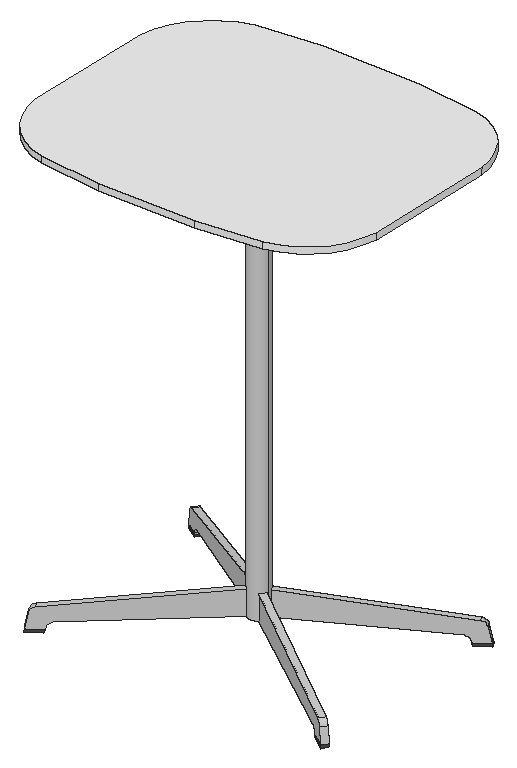
Revit family "Table-LAMMHULTS-COOPER-Table", category Furniture, Revit 2015
Parameters (values of type "H72 45x55 Laminate")
  Width = 550 mm
  URL = "www.lammhults.se"
  Table Top Height = 720 mm
  Table Edge Material = none
  Table Top Material = Laminate - High Pressure - White grey
  Model = "COOPER"
  Manufacturer = "LAMMHULTS"  # constant formula
  Length = 450 mm
  Legs Material = Plastic - Black
  Keynote = "46.B"
  Height = Table Top Height  # 720 mm
  Frame Material = Metal - Chrome - Polished
  Description = "*Please enter mtrl description here for use in mto*"
  Content Author = "AEC AB"  # constant formula
  Assembly Code = "E2020"
  80x70 = no
  55x45 = yes
  110x100 = no
Types (18, lengths in mm): name | Width | Table Top Height | Table Top Material | Length | Height | 80x70 | 55x45 | 110x100
  H45 45x55 Laminate | 550 | 450 | Laminate - High Pressure - White grey | 450 | 450 | no | yes | no
  H45 45x55 Walnut Veneer | 550 | 450 | Wood - Veneer - Walnut | 450 | 450 | no | yes | no
  H45 70x80 Laminate | 700 | 450 | Laminate - High Pressure - White grey | 800 | 450 | yes | no | no
  H45 70x80 Walnut Veneer | 700 | 450 | Wood - Veneer - Walnut | 800 | 450 | yes | no | no
  H45 100x110 Laminate | 1000 | 450 | Laminate - High Pressure - White grey | 1100 | 450 | no | no | yes
  H45 100x110 Walnut Veneer | 1000 | 450 | Wood - Veneer - Walnut | 1100 | 450 | no | no | yes
  H52 45x55 Laminate | 550 | 520 | Laminate - High Pressure - White grey | 450 | 520 | no | yes | no
  H52 45x55 Walnut Veneer | 550 | 520 | Wood - Veneer - Walnut | 450 | 520 | no | yes | no
  H52 70x80 Laminate | 700 | 520 | Laminate - High Pressure - White grey | 800 | 520 | yes | no | no
  H52 70x80 Walnut Veneer | 700 | 520 | Wood - Veneer - Walnut | 800 | 520 | yes | no | no
  H52 100x110 Laminate | 1000 | 520 | Laminate - High Pressure - White grey | 1100 | 520 | no | no | yes
  H52 100x110 Walnut Veneer | 1000 | 520 | Wood - Veneer - Walnut | 1100 | 520 | no | no | yes
  H72 45x55 Laminate | 550 | 720 | Laminate - High Pressure - White grey | 450 | 720 | no | yes | no
  H72 45x55 Walnut Veneer | 550 | 720 | Wood - Veneer - Walnut | 450 | 720 | no | yes | no
  H72 70x80 Laminate | 700 | 720 | Laminate - High Pressure - White grey | 800 | 720 | yes | no | no
  H72 70x80 Walnut Veneer | 700 | 720 | Wood - Veneer - Walnut | 800 | 720 | yes | no | no
  H72 100x110 Laminate | 1000 | 720 | Laminate - High Pressure - White grey | 1100 | 720 | no | no | yes
  H72 100x110 Walnut Veneer | 1000 | 720 | Wood - Veneer - Walnut | 1100 | 720 | no | no | yes
Reference planes
  plane 1 "Center (Front/Back)": y = 0
  plane 2: z = 0
  plane 3 "Center (Left/Right)": x = 0
  plane 4 "Table Top": z = 720
  plane 5: z = 710
  plane 6: x = -550
  plane 7: x = 550
  plane 8: y = 500
  plane 9: y = -500
Forms (mm)
  Extrusion 1, solid, material "Plastic - Black" <- "Legs Material", visible <- "80x70"
    sketch origin (0, 0, 0) x (-0.819152, 0.573576, 0) y (0, 0, 1)
      loop
        line (390.059, 4) -> (364.809, 4) -> (365.628, 0) -> (390.634, 0) -> (390.059, 4)
    from -5 to 5
  Extrusion 2, solid, material "Metal - Chrome - Polished" <- "Frame Material", visible <- "80x70"
    sketch origin (0, 0, 0) x (0.819152, 0.573576, 0) y (0, 0, -1)
      loop
        line (0, -74.328) -> (375.728, -36.073)
        arc (375.728, -36.073) -> (382.01, -33.272) -> (385.4, -27.288) r 11
        line (385.4, -27.288) -> (390.059, -4) -> (364.809, -4) -> (363.628, -10.196)
        arc (363.628, -10.196) -> (361.681, -13.592) -> (358.054, -15.064) r 6
        line (358.054, -15.064) -> (0, -34.162) -> (0, -74.328)
    from -5 to 4.999
  Extrusion 3, solid, material "Plastic - Black" <- "Legs Material", visible <- "80x70"
    sketch origin (0, 0, 0) x (0.819152, 0.573576, 0) y (0, 0, -1)
      loop
        line (390.059, -4) -> (390.634, 0) -> (365.628, 0) -> (364.809, -4) -> (390.059, -4)
    from -5 to 5
  Extrusion 4, solid, material "Plastic - Black" <- "Legs Material", visible <- "80x70"
    sketch origin (0, 0, 0) x (-0.819152, -0.573576, 0) y (0, 0, -1)
      loop
        line (390.059, -4) -> (390.634, 0) -> (365.628, 0) -> (364.809, -4) -> (390.059, -4)
    from -5 to 5
  Extrusion 5, solid, material "Metal - Chrome - Polished" <- "Frame Material", visible <- "80x70"
    sketch origin (0, 0, 0) x (0.819152, -0.573576, 0) y (0, 0, 1)
      loop
        line (0, 74.328) -> (0, 34.162) -> (358.054, 15.064)
        arc (358.054, 15.064) -> (361.681, 13.592) -> (363.628, 10.196) r 6
        line (363.628, 10.196) -> (364.809, 4) -> (390.059, 4) -> (385.4, 27.288)
        arc (385.4, 27.288) -> (382.01, 33.272) -> (375.728, 36.073) r 11
        line (375.728, 36.073) -> (0, 74.328)
    from -5 to 4.999
  Extrusion 6, solid, material "Plastic - Black" <- "Legs Material", visible <- "80x70"
    sketch origin (0, 0, 0) x (0.819152, -0.573576, 0) y (0, 0, 1)
      loop
        line (390.059, 4) -> (364.809, 4) -> (365.628, 0) -> (390.634, 0) -> (390.059, 4)
    from -5 to 5
  Extrusion 7, solid, material "Metal - Chrome - Polished" <- "Frame Material"
    sketch origin (0, 0, 0) x (1, 0, 0) y (0, 1, 0)
      loop
        circle (0, 0) r 16
    from 32.479 to 710
  Extrusion 8, solid, material "Metal - Chrome - Polished" <- "Frame Material"
    sketch origin (0, 0, 710) x (1, 0, 0) y (0, 1, 0)
      loop
        line (-122.5, 122.5) -> (-122.5, -122.5) -> (122.5, -122.5) -> (122.5, 122.5) -> (-122.5, 122.5)
    from -5 to 0
  Extrusion 9, solid, material "Metal - Chrome - Polished" <- "Frame Material", visible <- "55x45"
    sketch origin (0, 0, 0) x (-0.819152, 0.573576, 0) y (0, 0, 1)
      loop
        line (0, 74.328) -> (0, 34.162) -> (257, 15.281)
        arc (257, 15.281) -> (262.921, 12.773) -> (266.091, 7.179) r 10
        line (266.091, 7.179) -> (266.697, 4) -> (291.947, 4) -> (287.29, 27.281)
        arc (287.29, 27.281) -> (284.043, 33.133) -> (278.005, 36.02) r 11
        line (278.005, 36.02) -> (0, 74.328)
    from -5 to 4.999
  Extrusion 10, solid, material "Plastic - Black" <- "Legs Material", visible <- "55x45"
    sketch origin (80.369, -56.275, 0) x (-0.819152, 0.573576, 0) y (0, 0, 1)
      loop
        line (390.059, 4) -> (364.809, 4) -> (365.628, 0) -> (390.634, 0) -> (390.059, 4)
    from -5 to 5
  Extrusion 11, solid, material "Metal - Chrome - Polished" <- "Frame Material", visible <- "55x45"
    sketch origin (0, 0, 0) x (0.819152, 0.573576, 0) y (0, 0, -1)
      loop
        line (0, -74.328) -> (278.005, -36.02)
        arc (278.005, -36.02) -> (284.043, -33.133) -> (287.29, -27.281) r 11
        line (287.29, -27.281) -> (291.947, -4) -> (266.697, -4) -> (266.091, -7.179)
        arc (266.091, -7.179) -> (262.921, -12.773) -> (257, -15.281) r 10
        line (257, -15.281) -> (0, -34.162) -> (0, -74.328)
    from -5 to 4.999
  Extrusion 12, solid, material "Plastic - Black" <- "Legs Material", visible <- "55x45"
    sketch origin (-80.369, -56.275, 0) x (0.819152, 0.573576, 0) y (0, 0, -1)
      loop
        line (390.059, -4) -> (390.634, 0) -> (365.628, 0) -> (364.809, -4) -> (390.059, -4)
    from -5 to 5
  Extrusion 13, solid, material "Metal - Chrome - Polished" <- "Frame Material", visible <- "55x45"
    sketch origin (0, 0, 0) x (-0.819152, -0.573576, 0) y (0, 0, -1)
      loop
        line (0, -74.328) -> (278.005, -36.02)
        arc (278.005, -36.02) -> (284.043, -33.133) -> (287.29, -27.281) r 11
        line (287.29, -27.281) -> (291.947, -4) -> (266.697, -4) -> (266.091, -7.179)
        arc (266.091, -7.179) -> (262.921, -12.773) -> (257, -15.281) r 10
        line (257, -15.281) -> (0, -34.162) -> (0, -74.328)
    from -5 to 4.999
  Extrusion 14, solid, material "Plastic - Black" <- "Legs Material", visible <- "55x45"
    sketch origin (80.369, 56.275, 0) x (-0.819152, -0.573576, 0) y (0, 0, -1)
      loop
        line (390.059, -4) -> (390.634, 0) -> (365.628, 0) -> (364.809, -4) -> (390.059, -4)
    from -5 to 5
  Extrusion 15, solid, material "Metal - Chrome - Polished" <- "Frame Material", visible <- "55x45"
    sketch origin (0, 0, 0) x (0.819152, -0.573576, 0) y (0, 0, 1)
      loop
        line (0, 74.328) -> (0, 34.162) -> (257, 15.281)
        arc (257, 15.281) -> (262.921, 12.773) -> (266.091, 7.179) r 10
        line (266.091, 7.179) -> (266.697, 4) -> (291.947, 4) -> (287.29, 27.281)
        arc (287.29, 27.281) -> (284.043, 33.133) -> (278.005, 36.02) r 11
        line (278.005, 36.02) -> (0, 74.328)
    from -5 to 4.999
  Extrusion 16, solid, material "Plastic - Black" <- "Legs Material", visible <- "55x45"
    sketch origin (-80.369, 56.275, 0) x (0.819152, -0.573576, 0) y (0, 0, 1)
      loop
        line (390.059, 4) -> (364.809, 4) -> (365.628, 0) -> (390.634, 0) -> (390.059, 4)
    from -5 to 5
  Extrusion 17, solid, material "Metal - Chrome - Polished" <- "Frame Material", visible <- "80x70"
    sketch origin (0, 0, 0) x (-0.819152, -0.573576, 0) y (0, 0, -1)
      loop
        line (0, -74.328) -> (375.728, -36.073)
        arc (375.728, -36.073) -> (382.01, -33.272) -> (385.4, -27.288) r 11
        line (385.4, -27.288) -> (390.059, -4) -> (364.809, -4) -> (363.628, -10.196)
        arc (363.628, -10.196) -> (361.681, -13.592) -> (358.054, -15.064) r 6
        line (358.054, -15.064) -> (0, -34.162) -> (0, -74.328)
    from -5 to 4.999
  Extrusion 18, solid, material "Metal - Chrome - Polished" <- "Frame Material", visible <- "80x70"
    sketch origin (0, 0, 0) x (-0.819152, 0.573576, 0) y (0, 0, 1)
      loop
        line (0, 74.328) -> (0, 34.162) -> (358.054, 15.064)
        arc (358.054, 15.064) -> (361.681, 13.592) -> (363.628, 10.196) r 6
        line (363.628, 10.196) -> (364.809, 4) -> (390.059, 4) -> (385.4, 27.288)
        arc (385.4, 27.288) -> (382.01, 33.272) -> (375.728, 36.073) r 11
        line (375.728, 36.073) -> (0, 74.328)
    from -5 to 4.999
  Extrusion 19, solid, material "Metal - Chrome - Polished" <- "Frame Material", visible <- "110x100"
    sketch origin (0, 0, 0) x (-0.819152, 0.573576, 0) y (0, 0, 1)
      loop
        line (530.425, 4) -> (525.739, 41.482)
        arc (525.739, 41.482) -> (522.404, 48.089) -> (515.637, 51.087) r 11
        line (515.637, 51.087) -> (0, 89.328) -> (0, 34.162) -> (473.593, 15.061)
        arc (473.593, 15.061) -> (477.269, 13.611) -> (479.246, 10.189) r 6
        line (479.246, 10.189) -> (480.425, 4) -> (530.425, 4)
    from -5 to 5
  Extrusion 20, solid, material "Plastic - Black" <- "Legs Material", visible <- "110x100"
    sketch origin (0, 0, 0) x (-0.819152, 0.573576, 0) y (0, 0, 1)
      loop
        line (530.425, 4) -> (480.425, 4) -> (481.244, 0) -> (531, 0) -> (530.425, 4)
    from -5 to 5
  Extrusion 21, solid, material "Metal - Chrome - Polished" <- "Frame Material", visible <- "110x100"
    sketch origin (0, 0, 0) x (0.819152, 0.573576, 0) y (0, 0, -1)
      loop
        line (530.425, -4) -> (480.425, -4) -> (479.246, -10.189)
        arc (479.246, -10.189) -> (477.269, -13.611) -> (473.593, -15.061) r 6
        line (473.593, -15.061) -> (0, -34.162) -> (0, -89.328) -> (515.637, -51.087)
        arc (515.637, -51.087) -> (522.404, -48.089) -> (525.739, -41.482) r 11
        line (525.739, -41.482) -> (530.425, -4)
    from -5 to 5
  Extrusion 22, solid, material "Plastic - Black" <- "Legs Material", visible <- "110x100"
    sketch origin (0, 0, 0) x (0.819152, 0.573576, 0) y (0, 0, -1)
      loop
        line (530.425, -4) -> (531, 0) -> (481.244, 0) -> (480.425, -4) -> (530.425, -4)
    from -5 to 5
  Extrusion 23, solid, material "Metal - Chrome - Polished" <- "Frame Material", visible <- "110x100"
    sketch origin (0, 0, 0) x (-0.819152, -0.573576, 0) y (0, 0, -1)
      loop
        line (530.425, -4) -> (480.425, -4) -> (479.246, -10.189)
        arc (479.246, -10.189) -> (477.269, -13.611) -> (473.593, -15.061) r 6
        line (473.593, -15.061) -> (0, -34.162) -> (0, -89.328) -> (515.637, -51.087)
        arc (515.637, -51.087) -> (522.404, -48.089) -> (525.739, -41.482) r 11
        line (525.739, -41.482) -> (530.425, -4)
    from -5 to 5
  Extrusion 24, solid, material "Plastic - Black" <- "Legs Material", visible <- "110x100"
    sketch origin (0, 0, 0) x (-0.819152, -0.573576, 0) y (0, 0, -1)
      loop
        line (530.425, -4) -> (531, 0) -> (481.244, 0) -> (480.425, -4) -> (530.425, -4)
    from -5 to 5
  Extrusion 25, solid, material "Metal - Chrome - Polished" <- "Frame Material", visible <- "110x100"
    sketch origin (0, 0, 0) x (0.819152, -0.573576, 0) y (0, 0, 1)
      loop
        line (530.425, 4) -> (525.739, 41.482)
        arc (525.739, 41.482) -> (522.404, 48.089) -> (515.637, 51.087) r 11
        line (515.637, 51.087) -> (0, 89.328) -> (0, 34.162) -> (473.593, 15.061)
        arc (473.593, 15.061) -> (477.269, 13.611) -> (479.246, 10.189) r 6
        line (479.246, 10.189) -> (480.425, 4) -> (530.425, 4)
    from -5 to 5
  Extrusion 26, solid, material "Plastic - Black" <- "Legs Material", visible <- "110x100"
    sketch origin (0, 0, 0) x (0.819152, -0.573576, 0) y (0, 0, 1)
      loop
        line (530.425, 4) -> (480.425, 4) -> (481.244, 0) -> (531, 0) -> (530.425, 4)
    from -5 to 5
  Extrusion 27, solid, material "Laminate - High Pressure - White grey" <- "Table Top Material", visible <- "110x100"
    sketch origin (0, 0, 720) x (0, 1, 0) y (-1, 0, 0)
      loop
        arc (488.509, 248.822) -> (479.06, 310.971) -> (462.413, 371.59) r 536.962
        arc (462.413, 371.59) -> (414.789, 454.108) -> (339.151, 512.041) r 243.548
        arc (339.151, 512.041) -> (310.003, 524.089) -> (279.543, 532.269) r 243.548
        arc (279.543, 532.269) -> (208.768, 543.623) -> (137.33, 549.499) r 931.166
        arc (137.33, 549.499) -> (0, 552.492) -> (-137.33, 549.499) r 3152.738
        arc (-137.33, 549.499) -> (-208.768, 543.623) -> (-279.543, 532.269) r 931.166
        arc (-279.543, 532.269) -> (-310.003, 524.089) -> (-339.151, 512.041) r 243.548
        arc (-339.151, 512.041) -> (-414.789, 454.108) -> (-462.413, 371.59) r 243.548
        arc (-462.413, 371.59) -> (-479.06, 310.971) -> (-488.509, 248.822) r 536.962
        arc (-488.509, 248.822) -> (-500, 0) -> (-488.509, -248.822) r 2699.618
        arc (-488.509, -248.822) -> (-479.06, -310.971) -> (-462.413, -371.59) r 536.962
        arc (-462.413, -371.59) -> (-414.789, -454.108) -> (-339.151, -512.041) r 243.548
        arc (-339.151, -512.041) -> (-310.003, -524.089) -> (-279.543, -532.269) r 243.548
        arc (-279.543, -532.269) -> (-208.768, -543.623) -> (-137.33, -549.499) r 931.166
        arc (-137.33, -549.499) -> (0, -552.492) -> (137.33, -549.499) r 3152.738
        arc (137.33, -549.499) -> (208.768, -543.623) -> (279.543, -532.269) r 931.166
        arc (279.543, -532.269) -> (310.003, -524.089) -> (339.151, -512.041) r 243.548
        arc (339.151, -512.041) -> (414.789, -454.108) -> (462.413, -371.59) r 243.548
        arc (462.413, -371.59) -> (479.06, -310.971) -> (488.509, -248.822) r 536.962
        arc (488.509, -248.822) -> (500, 0) -> (488.509, 248.822) r 2699.618
    from 0 to -10
  Extrusion 28, solid, material "Laminate - High Pressure - White grey" <- "Table Top Material", visible <- "80x70"
    sketch origin (0, 0, 720) x (0, 1, 0) y (-1, 0, 0)
      loop
        arc (350, 0) -> (348.624, 83.751) -> (344.498, 167.413) r 2549.618
        arc (344.498, 167.413) -> (340.168, 206.077) -> (332.32, 244.183) r 424.844
        arc (332.32, 244.183) -> (322.888, 276.019) -> (310.999, 307.021) r 424.844
        arc (310.999, 307.021) -> (288.194, 340.692) -> (254.523, 363.497) r 107.631
        arc (254.523, 363.497) -> (196.825, 383.221) -> (136.807, 393.994) r 402.136
        arc (136.807, 393.994) -> (0, 400.958) -> (-136.807, 393.994) r 1347.248
        arc (-136.807, 393.994) -> (-196.825, 383.221) -> (-254.523, 363.497) r 402.136
        arc (-254.523, 363.497) -> (-288.194, 340.692) -> (-310.999, 307.021) r 107.631
        arc (-310.999, 307.021) -> (-322.888, 276.019) -> (-332.32, 244.183) r 424.844
        arc (-332.32, 244.183) -> (-340.168, 206.077) -> (-344.498, 167.413) r 424.844
        arc (-344.498, 167.413) -> (-348.624, 83.751) -> (-350, 0) r 2549.618
        arc (-350, 0) -> (-348.624, -83.751) -> (-344.498, -167.413) r 2549.618
        arc (-344.498, -167.413) -> (-340.168, -206.077) -> (-332.32, -244.183) r 424.844
        arc (-332.32, -244.183) -> (-322.888, -276.019) -> (-310.999, -307.021) r 424.844
        arc (-310.999, -307.021) -> (-288.194, -340.692) -> (-254.523, -363.497) r 107.631
        arc (-254.523, -363.497) -> (-196.825, -383.221) -> (-136.807, -393.994) r 402.136
        arc (-136.807, -393.994) -> (0, -400.958) -> (136.807, -393.994) r 1347.248
        arc (136.807, -393.994) -> (196.825, -383.221) -> (254.523, -363.497) r 402.136
        arc (254.523, -363.497) -> (288.194, -340.692) -> (310.999, -307.021) r 107.631
        arc (310.999, -307.021) -> (322.888, -276.019) -> (332.32, -244.183) r 424.844
        arc (332.32, -244.183) -> (340.168, -206.077) -> (344.498, -167.413) r 424.844
        arc (344.498, -167.413) -> (348.624, -83.751) -> (350, 0) r 2549.618
    from 0 to -10
  Extrusion 29, solid, material "Laminate - High Pressure - White grey" <- "Table Top Material", visible <- "55x45"
    sketch origin (0, 0, 720) x (0, 1, 0) y (-1, 0, 0)
      loop
        arc (223.803, 76.174) -> (220.033, 126.502) -> (211.919, 176.314) r 582.277
        arc (211.919, 176.314) -> (174.082, 241.657) -> (104.707, 271.465) r 120
        arc (104.707, 271.465) -> (0, 275.958) -> (-104.707, 271.465) r 1222.248
        arc (-104.707, 271.465) -> (-174.082, 241.657) -> (-211.919, 176.314) r 120
        arc (-211.919, 176.314) -> (-220.033, 126.502) -> (-223.803, 76.174) r 582.277
        arc (-223.803, 76.174) -> (-225, 0) -> (-223.803, -76.174) r 2424.618
        arc (-223.803, -76.174) -> (-220.033, -126.502) -> (-211.919, -176.314) r 582.277
        arc (-211.919, -176.314) -> (-174.082, -241.657) -> (-104.707, -271.465) r 120
        arc (-104.707, -271.465) -> (0, -275.958) -> (104.707, -271.465) r 1222.248
        arc (104.707, -271.465) -> (174.082, -241.657) -> (211.919, -176.314) r 120
        arc (211.919, -176.314) -> (220.033, -126.502) -> (223.803, -76.174) r 582.277
        arc (223.803, -76.174) -> (225, 0) -> (223.803, 76.174) r 2424.618
    from 0 to -10
Cuts and joins
  joined: Extrusion 7, Extrusion 8
Lines and regions (mm)
  Masking region 1, visible <- "110x100"
    outline origin (0, 0, 720) x (0, 1, 0) y (-1, 0, 0)
      loop
        arc (462.413, 371.59) -> (414.789, 454.108) -> (339.151, 512.041) r 243.548
        arc (339.151, 512.041) -> (310.003, 524.089) -> (279.543, 532.269) r 243.548
        arc (279.543, 532.269) -> (208.768, 543.623) -> (137.33, 549.499) r 931.166
        arc (137.33, 549.499) -> (0, 552.492) -> (-137.33, 549.499) r 3152.738
        arc (-137.33, 549.499) -> (-208.768, 543.623) -> (-279.543, 532.269) r 931.166
        arc (-279.543, 532.269) -> (-310.003, 524.089) -> (-339.151, 512.041) r 243.548
        arc (-339.151, 512.041) -> (-414.789, 454.108) -> (-462.413, 371.59) r 243.548
        arc (-462.413, 371.59) -> (-479.06, 310.971) -> (-488.509, 248.822) r 536.962
        arc (-488.509, 248.822) -> (-500, 0) -> (-488.509, -248.822) r 2699.618
        arc (-488.509, -248.822) -> (-479.06, -310.971) -> (-462.413, -371.59) r 536.962
        arc (-462.413, -371.59) -> (-414.789, -454.108) -> (-339.151, -512.041) r 243.548
        arc (-339.151, -512.041) -> (-310.003, -524.089) -> (-279.543, -532.269) r 243.548
        arc (-279.543, -532.269) -> (-208.768, -543.623) -> (-137.33, -549.499) r 931.166
        arc (-137.33, -549.499) -> (0, -552.492) -> (137.33, -549.499) r 3152.738
        arc (137.33, -549.499) -> (208.768, -543.623) -> (279.543, -532.269) r 931.166
        arc (279.543, -532.269) -> (310.003, -524.089) -> (339.151, -512.041) r 243.548
        arc (339.151, -512.041) -> (414.789, -454.108) -> (462.413, -371.59) r 243.548
        arc (462.413, -371.59) -> (479.06, -310.971) -> (488.509, -248.822) r 536.962
        arc (488.509, -248.822) -> (500, 0) -> (488.509, 248.822) r 2699.618
        arc (488.509, 248.822) -> (479.06, 310.971) -> (462.413, 371.59) r 536.962
  Masking region 2, visible <- "80x70"
    outline origin (0, 0, 720) x (0, 1, 0) y (-1, 0, 0)
      loop
        arc (344.498, 167.413) -> (340.168, 206.077) -> (332.32, 244.183) r 424.844
        arc (332.32, 244.183) -> (322.888, 276.019) -> (310.999, 307.021) r 424.844
        arc (310.999, 307.021) -> (288.194, 340.692) -> (254.523, 363.497) r 107.631
        arc (254.523, 363.497) -> (196.825, 383.221) -> (136.807, 393.994) r 402.136
        arc (136.807, 393.994) -> (0, 400.958) -> (-136.807, 393.994) r 1347.248
        arc (-136.807, 393.994) -> (-196.825, 383.221) -> (-254.523, 363.497) r 402.136
        arc (-254.523, 363.497) -> (-288.194, 340.692) -> (-310.999, 307.021) r 107.631
        arc (-310.999, 307.021) -> (-322.888, 276.019) -> (-332.32, 244.183) r 424.844
        arc (-332.32, 244.183) -> (-340.168, 206.077) -> (-344.498, 167.413) r 424.844
        arc (-344.498, 167.413) -> (-348.624, 83.751) -> (-350, 0) r 2549.618
        arc (-350, 0) -> (-348.624, -83.751) -> (-344.498, -167.413) r 2549.618
        arc (-344.498, -167.413) -> (-340.168, -206.077) -> (-332.32, -244.183) r 424.844
        arc (-332.32, -244.183) -> (-322.888, -276.019) -> (-310.999, -307.021) r 424.844
        arc (-310.999, -307.021) -> (-288.194, -340.692) -> (-254.523, -363.497) r 107.631
        arc (-254.523, -363.497) -> (-196.825, -383.221) -> (-136.807, -393.994) r 402.136
        arc (-136.807, -393.994) -> (0, -400.958) -> (136.807, -393.994) r 1347.248
        arc (136.807, -393.994) -> (196.825, -383.221) -> (254.523, -363.497) r 402.136
        arc (254.523, -363.497) -> (288.194, -340.692) -> (310.999, -307.021) r 107.631
        arc (310.999, -307.021) -> (322.888, -276.019) -> (332.32, -244.183) r 424.844
        arc (332.32, -244.183) -> (340.168, -206.077) -> (344.498, -167.413) r 424.844
        arc (344.498, -167.413) -> (348.624, -83.751) -> (350, 0) r 2549.618
        arc (350, 0) -> (348.624, 83.751) -> (344.498, 167.413) r 2549.618
  Masking region 3, visible <- "55x45"
    outline origin (0, 0, 720) x (0, 1, 0) y (-1, 0, 0)
      loop
        arc (211.919, 176.314) -> (174.082, 241.657) -> (104.707, 271.465) r 120
        arc (104.707, 271.465) -> (0, 275.958) -> (-104.707, 271.465) r 1222.248
        arc (-104.707, 271.465) -> (-174.082, 241.657) -> (-211.919, 176.314) r 120
        arc (-211.919, 176.314) -> (-220.033, 126.502) -> (-223.803, 76.174) r 582.277
        arc (-223.803, 76.174) -> (-225, 0) -> (-223.803, -76.174) r 2424.618
        arc (-223.803, -76.174) -> (-220.033, -126.502) -> (-211.919, -176.314) r 582.277
        arc (-211.919, -176.314) -> (-174.082, -241.657) -> (-104.707, -271.465) r 120
        arc (-104.707, -271.465) -> (0, -275.958) -> (104.707, -271.465) r 1222.248
        arc (104.707, -271.465) -> (174.082, -241.657) -> (211.919, -176.314) r 120
        arc (211.919, -176.314) -> (220.033, -126.502) -> (223.803, -76.174) r 582.277
        arc (223.803, -76.174) -> (225, 0) -> (223.803, 76.174) r 2424.618
        arc (223.803, 76.174) -> (220.033, 126.502) -> (211.919, 176.314) r 582.277
Dimensions and locks
  "Table Top Height": plane 4 "Table Top" to level
  locked: plane 4 "Table Top" to plane 5 at 10
  equal spacing: plane 6, plane 3 "Center (Left/Right)", plane 7
  equal spacing: plane 8, plane 1 "Center (Front/Back)", plane 9
  plane 6 to plane 7 = 1100 mm
  plane 8 to plane 9 = 1000 mm
  aligned and locked: level to plane 2
  aligned and locked: plane 5 to Extrusion 7
Automatic sketch dimensions
  Extrusion 1 sketch curve to Extrusion 1 sketch curve = 0.819 mm
  level to Extrusion 2 sketch curve = 74.328 mm
  level to Extrusion 2 sketch curve = 9.073 mm
  Extrusion 2 sketch curve to Extrusion 2 sketch curve = 357.734 mm
  level to Extrusion 2 sketch curve = 15.064 mm
  Extrusion 2 sketch curve to Extrusion 2 sketch curve = 0.32 mm
  level to Extrusion 2 sketch curve = 10.196 mm
  level to Extrusion 2 sketch curve = 4 mm
  Extrusion 2 sketch curve to Extrusion 2 sketch curve = 1.181 mm
  Extrusion 2 sketch curve to Extrusion 2 sketch curve = 10.986 mm
  level to Extrusion 2 sketch curve = 36.073 mm
  Extrusion 2 sketch curve to Extrusion 2 sketch curve = 1.114 mm
  level to Extrusion 2 sketch curve = 27.288 mm
  Extrusion 2 sketch curve to Extrusion 2 sketch curve = 10.786 mm
  Extrusion 2 sketch curve to Extrusion 2 sketch curve = 4.659 mm
  level to Extrusion 2 sketch curve = 34.162 mm
  level to Extrusion 3 sketch curve = 0 mm
  level to Extrusion 3 sketch curve = 4 mm
  Extrusion 3 sketch curve to Extrusion 3 sketch curve = 0.819 mm
  Extrusion 3 sketch curve to Extrusion 3 sketch curve = 24.431 mm
  Extrusion 3 sketch curve to Extrusion 3 sketch curve = 0.575 mm
  Extrusion 4 sketch curve to level = 0 mm
  level to Extrusion 4 sketch curve = 4 mm
  Extrusion 4 sketch curve to Extrusion 4 sketch curve = 0.819 mm
  Extrusion 4 sketch curve to Extrusion 4 sketch curve = 24.431 mm
  Extrusion 4 sketch curve to Extrusion 4 sketch curve = 0.575 mm
  level to Extrusion 5 sketch curve = 74.328 mm
  level to Extrusion 5 sketch curve = 9.073 mm
  Extrusion 5 sketch curve to Extrusion 5 sketch curve = 357.734 mm
  level to Extrusion 5 sketch curve = 15.064 mm
  Extrusion 5 sketch curve to Extrusion 5 sketch curve = 0.32 mm
  level to Extrusion 5 sketch curve = 10.196 mm
  level to Extrusion 5 sketch curve = 4 mm
  Extrusion 5 sketch curve to Extrusion 5 sketch curve = 1.181 mm
  Extrusion 5 sketch curve to Extrusion 5 sketch curve = 10.986 mm
  level to Extrusion 5 sketch curve = 36.073 mm
  Extrusion 5 sketch curve to Extrusion 5 sketch curve = 1.114 mm
  level to Extrusion 5 sketch curve = 27.288 mm
  Extrusion 5 sketch curve to Extrusion 5 sketch curve = 10.786 mm
  Extrusion 5 sketch curve to Extrusion 5 sketch curve = 4.659 mm
  level to Extrusion 5 sketch curve = 34.162 mm
  Extrusion 6 sketch curve to level = 0 mm
  level to Extrusion 6 sketch curve = 4 mm
  Extrusion 6 sketch curve to Extrusion 6 sketch curve = 0.819 mm
  Extrusion 6 sketch curve to Extrusion 6 sketch curve = 24.431 mm
  Extrusion 6 sketch curve to Extrusion 6 sketch curve = 0.575 mm
  plane 1 "Center (Front/Back)" to Extrusion 7 sketch curve = 0 mm
  Extrusion 7 sketch curve to plane 3 "Center (Left/Right)" = 0 mm
  Extrusion 8 sketch curve to Extrusion 8 sketch curve = 245 mm  (x2)
  Extrusion 9 sketch curve to Extrusion 9 sketch curve = 0.733 mm
  Extrusion 9 sketch curve to Extrusion 9 sketch curve = 0.606 mm
  Extrusion 9 sketch curve to Extrusion 9 sketch curve = 10.413 mm
  Extrusion 9 sketch curve to Extrusion 9 sketch curve = 1.502 mm
  Extrusion 9 sketch curve to Extrusion 9 sketch curve = 10.786 mm
  Extrusion 9 sketch curve to Extrusion 9 sketch curve = 4.657 mm
  Extrusion 10 sketch curve to Extrusion 10 sketch curve = 0.819 mm
  Extrusion 10 sketch curve to Extrusion 10 sketch curve = 24.431 mm
  Extrusion 10 sketch curve to Extrusion 10 sketch curve = 0.575 mm
  level to Extrusion 11 sketch curve = 34.162 mm
  level to Extrusion 11 sketch curve = 5.307 mm
  Extrusion 11 sketch curve to Extrusion 11 sketch curve = 256.268 mm
  level to Extrusion 11 sketch curve = 15.281 mm
  Extrusion 11 sketch curve to Extrusion 11 sketch curve = 0.733 mm
  level to Extrusion 11 sketch curve = 7.179 mm
  level to Extrusion 11 sketch curve = 4 mm
  Extrusion 11 sketch curve to Extrusion 11 sketch curve = 0.606 mm
  Extrusion 11 sketch curve to Extrusion 11 sketch curve = 10.413 mm
  level to Extrusion 11 sketch curve = 36.02 mm
  Extrusion 11 sketch curve to Extrusion 11 sketch curve = 1.502 mm
  level to Extrusion 11 sketch curve = 27.281 mm
  Extrusion 11 sketch curve to Extrusion 11 sketch curve = 10.786 mm
  Extrusion 11 sketch curve to Extrusion 11 sketch curve = 4.657 mm
  Extrusion 11 sketch curve to Extrusion 11 sketch curve = 40.166 mm
  level to Extrusion 12 sketch curve = 0 mm
  level to Extrusion 12 sketch curve = 4 mm
  Extrusion 12 sketch curve to Extrusion 12 sketch curve = 0.819 mm
  Extrusion 12 sketch curve to Extrusion 12 sketch curve = 24.431 mm
  Extrusion 12 sketch curve to Extrusion 12 sketch curve = 0.575 mm
  level to Extrusion 13 sketch curve = 34.162 mm
  level to Extrusion 13 sketch curve = 5.307 mm
  Extrusion 13 sketch curve to Extrusion 13 sketch curve = 256.268 mm
  level to Extrusion 13 sketch curve = 15.281 mm
  Extrusion 13 sketch curve to Extrusion 13 sketch curve = 0.733 mm
  level to Extrusion 13 sketch curve = 7.179 mm
  level to Extrusion 13 sketch curve = 4 mm
  Extrusion 13 sketch curve to Extrusion 13 sketch curve = 0.606 mm
  Extrusion 13 sketch curve to Extrusion 13 sketch curve = 10.413 mm
  level to Extrusion 13 sketch curve = 36.02 mm
  Extrusion 13 sketch curve to Extrusion 13 sketch curve = 1.502 mm
  level to Extrusion 13 sketch curve = 27.281 mm
  Extrusion 13 sketch curve to Extrusion 13 sketch curve = 10.786 mm
  Extrusion 13 sketch curve to Extrusion 13 sketch curve = 4.657 mm
  Extrusion 13 sketch curve to Extrusion 13 sketch curve = 40.166 mm
  Extrusion 14 sketch curve to level = 0 mm
  level to Extrusion 14 sketch curve = 4 mm
  Extrusion 14 sketch curve to Extrusion 14 sketch curve = 0.819 mm
  Extrusion 14 sketch curve to Extrusion 14 sketch curve = 24.431 mm
  Extrusion 14 sketch curve to Extrusion 14 sketch curve = 0.575 mm
  level to Extrusion 15 sketch curve = 34.162 mm
  level to Extrusion 15 sketch curve = 5.307 mm
  Extrusion 15 sketch curve to Extrusion 15 sketch curve = 256.268 mm
  level to Extrusion 15 sketch curve = 15.281 mm
  Extrusion 15 sketch curve to Extrusion 15 sketch curve = 0.733 mm
  level to Extrusion 15 sketch curve = 7.179 mm
  level to Extrusion 15 sketch curve = 4 mm
  Extrusion 15 sketch curve to Extrusion 15 sketch curve = 0.606 mm
  Extrusion 15 sketch curve to Extrusion 15 sketch curve = 10.413 mm
  level to Extrusion 15 sketch curve = 36.02 mm
  Extrusion 15 sketch curve to Extrusion 15 sketch curve = 1.502 mm
  level to Extrusion 15 sketch curve = 27.281 mm
  Extrusion 15 sketch curve to Extrusion 15 sketch curve = 10.786 mm
  Extrusion 15 sketch curve to Extrusion 15 sketch curve = 4.657 mm
  Extrusion 15 sketch curve to Extrusion 15 sketch curve = 40.166 mm
  Extrusion 16 sketch curve to level = 0 mm
  level to Extrusion 16 sketch curve = 4 mm
  Extrusion 16 sketch curve to Extrusion 16 sketch curve = 0.819 mm
  Extrusion 16 sketch curve to Extrusion 16 sketch curve = 24.431 mm
  Extrusion 16 sketch curve to Extrusion 16 sketch curve = 0.575 mm
  level to Extrusion 17 sketch curve = 74.328 mm
  level to Extrusion 17 sketch curve = 9.073 mm
  Extrusion 17 sketch curve to Extrusion 17 sketch curve = 357.734 mm
  level to Extrusion 17 sketch curve = 15.064 mm
  Extrusion 17 sketch curve to Extrusion 17 sketch curve = 0.32 mm
  level to Extrusion 17 sketch curve = 10.196 mm
  level to Extrusion 17 sketch curve = 4 mm
  Extrusion 17 sketch curve to Extrusion 17 sketch curve = 1.181 mm
  Extrusion 17 sketch curve to Extrusion 17 sketch curve = 10.986 mm
  level to Extrusion 17 sketch curve = 36.073 mm
  Extrusion 17 sketch curve to Extrusion 17 sketch curve = 1.114 mm
  level to Extrusion 17 sketch curve = 27.288 mm
  Extrusion 17 sketch curve to Extrusion 17 sketch curve = 10.786 mm
  Extrusion 17 sketch curve to Extrusion 17 sketch curve = 4.659 mm
  level to Extrusion 17 sketch curve = 34.162 mm
  level to Extrusion 18 sketch curve = 74.328 mm
  level to Extrusion 18 sketch curve = 9.073 mm
  Extrusion 18 sketch curve to Extrusion 18 sketch curve = 357.734 mm
  level to Extrusion 18 sketch curve = 15.064 mm
  Extrusion 18 sketch curve to Extrusion 18 sketch curve = 0.32 mm
  level to Extrusion 18 sketch curve = 10.196 mm
  level to Extrusion 18 sketch curve = 4 mm
  Extrusion 18 sketch curve to Extrusion 18 sketch curve = 1.181 mm
  Extrusion 18 sketch curve to Extrusion 18 sketch curve = 10.986 mm
  level to Extrusion 18 sketch curve = 36.073 mm
  Extrusion 18 sketch curve to Extrusion 18 sketch curve = 1.114 mm
  level to Extrusion 18 sketch curve = 27.288 mm
  Extrusion 18 sketch curve to Extrusion 18 sketch curve = 10.786 mm
  Extrusion 18 sketch curve to Extrusion 18 sketch curve = 4.659 mm
  level to Extrusion 18 sketch curve = 34.162 mm
  Extrusion 19 sketch curve to Extrusion 19 sketch curve = 0.242 mm
  Extrusion 19 sketch curve to Extrusion 19 sketch curve = 1.18 mm
  Extrusion 19 sketch curve to Extrusion 19 sketch curve = 35.578 mm
  Extrusion 19 sketch curve to Extrusion 19 sketch curve = 0.814 mm
  Extrusion 19 sketch curve to Extrusion 19 sketch curve = 10.915 mm
  Extrusion 19 sketch curve to Extrusion 19 sketch curve = 4.686 mm
  Extrusion 20 sketch curve to Extrusion 20 sketch curve = 0.819 mm
  Extrusion 20 sketch curve to Extrusion 20 sketch curve = 49.181 mm
  Extrusion 20 sketch curve to Extrusion 20 sketch curve = 0.575 mm
  level to Extrusion 21 sketch curve = 89.328 mm
  level to Extrusion 21 sketch curve = 9.066 mm
  Extrusion 21 sketch curve to Extrusion 21 sketch curve = 473.352 mm
  level to Extrusion 21 sketch curve = 15.061 mm
  Extrusion 21 sketch curve to Extrusion 21 sketch curve = 0.242 mm
  level to Extrusion 21 sketch curve = 10.189 mm
  level to Extrusion 21 sketch curve = 4 mm
  Extrusion 21 sketch curve to Extrusion 21 sketch curve = 1.18 mm
  Extrusion 21 sketch curve to Extrusion 21 sketch curve = 35.578 mm
  level to Extrusion 21 sketch curve = 51.087 mm
  Extrusion 21 sketch curve to Extrusion 21 sketch curve = 0.814 mm
  level to Extrusion 21 sketch curve = 41.482 mm
  Extrusion 21 sketch curve to Extrusion 21 sketch curve = 10.915 mm
  Extrusion 21 sketch curve to Extrusion 21 sketch curve = 4.686 mm
  level to Extrusion 21 sketch curve = 34.162 mm
  level to Extrusion 22 sketch curve = 0 mm
  level to Extrusion 22 sketch curve = 4 mm
  Extrusion 22 sketch curve to Extrusion 22 sketch curve = 0.819 mm
  Extrusion 22 sketch curve to Extrusion 22 sketch curve = 49.181 mm
  Extrusion 22 sketch curve to Extrusion 22 sketch curve = 0.575 mm
  level to Extrusion 23 sketch curve = 89.328 mm
  level to Extrusion 23 sketch curve = 9.066 mm
  Extrusion 23 sketch curve to Extrusion 23 sketch curve = 473.352 mm
  level to Extrusion 23 sketch curve = 15.061 mm
  Extrusion 23 sketch curve to Extrusion 23 sketch curve = 0.242 mm
  level to Extrusion 23 sketch curve = 10.189 mm
  level to Extrusion 23 sketch curve = 4 mm
  Extrusion 23 sketch curve to Extrusion 23 sketch curve = 1.18 mm
  Extrusion 23 sketch curve to Extrusion 23 sketch curve = 35.578 mm
  level to Extrusion 23 sketch curve = 51.087 mm
  Extrusion 23 sketch curve to Extrusion 23 sketch curve = 0.814 mm
  level to Extrusion 23 sketch curve = 41.482 mm
  Extrusion 23 sketch curve to Extrusion 23 sketch curve = 10.915 mm
  Extrusion 23 sketch curve to Extrusion 23 sketch curve = 4.686 mm
  level to Extrusion 23 sketch curve = 34.162 mm
  Extrusion 24 sketch curve to level = 0 mm
  level to Extrusion 24 sketch curve = 4 mm
  Extrusion 24 sketch curve to Extrusion 24 sketch curve = 0.819 mm
  Extrusion 24 sketch curve to Extrusion 24 sketch curve = 49.181 mm
  Extrusion 24 sketch curve to Extrusion 24 sketch curve = 0.575 mm
  level to Extrusion 25 sketch curve = 89.328 mm
  level to Extrusion 25 sketch curve = 9.066 mm
  Extrusion 25 sketch curve to Extrusion 25 sketch curve = 473.352 mm
  level to Extrusion 25 sketch curve = 15.061 mm
  Extrusion 25 sketch curve to Extrusion 25 sketch curve = 0.242 mm
  level to Extrusion 25 sketch curve = 10.189 mm
  level to Extrusion 25 sketch curve = 4 mm
  Extrusion 25 sketch curve to Extrusion 25 sketch curve = 1.18 mm
  Extrusion 25 sketch curve to Extrusion 25 sketch curve = 35.578 mm
  level to Extrusion 25 sketch curve = 51.087 mm
  Extrusion 25 sketch curve to Extrusion 25 sketch curve = 0.814 mm
  level to Extrusion 25 sketch curve = 41.482 mm
  Extrusion 25 sketch curve to Extrusion 25 sketch curve = 10.915 mm
  Extrusion 25 sketch curve to Extrusion 25 sketch curve = 4.686 mm
  level to Extrusion 25 sketch curve = 34.162 mm
  Extrusion 26 sketch curve to level = 0 mm
  level to Extrusion 26 sketch curve = 4 mm
  Extrusion 26 sketch curve to Extrusion 26 sketch curve = 0.819 mm
  Extrusion 26 sketch curve to Extrusion 26 sketch curve = 49.181 mm
  Extrusion 26 sketch curve to Extrusion 26 sketch curve = 0.575 mm
  Extrusion 27 sketch curve to Extrusion 27 sketch curve = 0 mm  (x30)
  Extrusion 27 sketch curve to plane 3 "Center (Left/Right)" = 0 mm  (x2)
  plane 1 "Center (Front/Back)" to Extrusion 27 sketch curve = 0 mm
  Extrusion 27 sketch curve to plane 1 "Center (Front/Back)" = 0 mm
  plane 1 "Center (Front/Back)" to Extrusion 27 sketch curve = 46.168 mm  (x2)
  plane 1 "Center (Front/Back)" to Extrusion 27 sketch curve = 96.769 mm  (x2)
  Extrusion 27 sketch curve to plane 1 "Center (Front/Back)" = 46.168 mm  (x2)
  Extrusion 27 sketch curve to plane 1 "Center (Front/Back)" = 96.769 mm  (x2)
  Extrusion 27 sketch curve to Extrusion 27 sketch curve = 181.453 mm
  Extrusion 27 sketch curve to Extrusion 27 sketch curve = 87.324 mm  (x4)
  plane 1 "Center (Front/Back)" to Extrusion 27 sketch curve = 137.33 mm  (x2)
  Extrusion 27 sketch curve to Extrusion 27 sketch curve = 26.095 mm  (x2)
  level to Extrusion 1 sketch curve = 0 mm
  level to Extrusion 1 sketch curve = 4 mm
  Extrusion 1 sketch curve to Extrusion 1 sketch curve = 24.431 mm
  Extrusion 1 sketch curve to Extrusion 1 sketch curve = 0.575 mm
  level to Extrusion 9 sketch curve = 34.162 mm
  level to Extrusion 9 sketch curve = 5.307 mm
  Extrusion 9 sketch curve to Extrusion 9 sketch curve = 256.268 mm
  level to Extrusion 9 sketch curve = 7.179 mm
  Extrusion 9 sketch curve to Extrusion 9 sketch curve = 9.823 mm
  level to Extrusion 9 sketch curve = 4 mm
  Extrusion 9 sketch curve to Extrusion 9 sketch curve = 17.943 mm
  Extrusion 9 sketch curve to Extrusion 9 sketch curve = 2.158 mm
  Extrusion 9 sketch curve to Extrusion 9 sketch curve = 40.166 mm
  level to Extrusion 10 sketch curve = 0 mm
  level to Extrusion 10 sketch curve = 4 mm
  level to Extrusion 19 sketch curve = 89.328 mm
  level to Extrusion 19 sketch curve = 9.066 mm
  Extrusion 19 sketch curve to Extrusion 19 sketch curve = 473.352 mm
  level to Extrusion 19 sketch curve = 10.189 mm
  Extrusion 19 sketch curve to Extrusion 19 sketch curve = 5.894 mm
  level to Extrusion 19 sketch curve = 4 mm
  level to Extrusion 19 sketch curve = 34.162 mm
  Extrusion 19 sketch curve to Extrusion 19 sketch curve = 36.118 mm
  Extrusion 19 sketch curve to Extrusion 19 sketch curve = 1.365 mm
  level to Extrusion 20 sketch curve = 0 mm
  level to Extrusion 20 sketch curve = 4 mm
  plane 3 "Center (Left/Right)" to Extrusion 27 sketch curve = 199.33 mm
  Extrusion 27 sketch curve to Extrusion 27 sketch curve = 94.129 mm
  Extrusion 27 sketch curve to Extrusion 27 sketch curve = 134.969 mm  (x4)
  Extrusion 27 sketch curve to Extrusion 27 sketch curve = 1711.109 mm
  Extrusion 27 sketch curve to Extrusion 27 sketch curve = 59.608 mm  (x4)
  Extrusion 27 sketch curve to Extrusion 27 sketch curve = 1967.88 mm  (x2)
  Extrusion 27 sketch curve to Extrusion 27 sketch curve = 2219.463 mm
  Masking region 1 sketch curve to Masking region 1 sketch curve = 0 mm  (x25)
  Masking region 1 sketch curve to plane 3 "Center (Left/Right)" = 0 mm  (x2)
  plane 1 "Center (Front/Back)" to Masking region 1 sketch curve = 0 mm
  Masking region 1 sketch curve to plane 1 "Center (Front/Back)" = 0 mm
  plane 1 "Center (Front/Back)" to Masking region 1 sketch curve = 46.168 mm  (x2)
  plane 1 "Center (Front/Back)" to Masking region 1 sketch curve = 96.769 mm  (x2)
  Masking region 1 sketch curve to Masking region 1 sketch curve = 134.969 mm  (x4)
  Masking region 1 sketch curve to plane 1 "Center (Front/Back)" = 46.168 mm  (x2)
  Masking region 1 sketch curve to plane 1 "Center (Front/Back)" = 96.769 mm  (x2)
  plane 3 "Center (Left/Right)" to Masking region 1 sketch curve = 199.33 mm
  Masking region 1 sketch curve to Masking region 1 sketch curve = 94.129 mm  (x4)
  Masking region 1 sketch curve to Masking region 1 sketch curve = 87.324 mm  (x4)
  Masking region 1 sketch curve to plane 3 "Center (Left/Right)" = 199.33 mm
  Masking region 2 sketch curve to Masking region 2 sketch curve = 0 mm  (x28)
  Masking region 2 sketch curve to plane 3 "Center (Left/Right)" = 0 mm  (x2)
  plane 1 "Center (Front/Back)" to Masking region 2 sketch curve = 0 mm  (x2)
  plane 1 "Center (Front/Back)" to Masking region 2 sketch curve = 79.429 mm  (x2)
  plane 3 "Center (Left/Right)" to Masking region 2 sketch curve = 6.063 mm  (x2)
  plane 1 "Center (Front/Back)" to Masking region 2 sketch curve = 95.972 mm
  Masking region 2 sketch curve to plane 3 "Center (Left/Right)" = 6.063 mm  (x2)
  Masking region 2 sketch curve to Masking region 2 sketch curve = 132.658 mm  (x4)
  Masking region 2 sketch curve to plane 1 "Center (Front/Back)" = 79.429 mm  (x2)
  Masking region 2 sketch curve to plane 1 "Center (Front/Back)" = 95.972 mm
  Masking region 2 sketch curve to Masking region 2 sketch curve = 133.453 mm  (x4)
  Masking region 2 sketch curve to Masking region 2 sketch curve = 125.069 mm  (x4)
  plane 1 "Center (Front/Back)" to Masking region 2 sketch curve = 136.807 mm  (x2)
  Masking region 2 sketch curve to Masking region 2 sketch curve = 21.32 mm  (x4)
  Masking region 3 sketch curve to plane 3 "Center (Left/Right)" = 0 mm  (x2)
  plane 1 "Center (Front/Back)" to Masking region 3 sketch curve = 0 mm  (x2)
  plane 1 "Center (Front/Back)" to Masking region 3 sketch curve = 94.427 mm  (x2)
  Masking region 3 sketch curve to Masking region 3 sketch curve = 0 mm  (x12)
  Masking region 3 sketch curve to plane 1 "Center (Front/Back)" = 94.427 mm  (x2)
  plane 3 "Center (Left/Right)" to Masking region 3 sketch curve = 57.881 mm  (x2)
  plane 3 "Center (Left/Right)" to Masking region 3 sketch curve = 151.906 mm  (x2)
  Masking region 3 sketch curve to plane 3 "Center (Left/Right)" = 57.881 mm  (x2)
  Masking region 3 sketch curve to plane 3 "Center (Left/Right)" = 151.906 mm  (x2)
  plane 1 "Center (Front/Back)" to Masking region 3 sketch curve = 104.707 mm  (x2)
  Masking region 1 sketch curve to Masking region 1 sketch curve = 1711.109 mm
  Masking region 2 sketch curve to Masking region 2 sketch curve = 1849.618 mm  (x2)
  Masking region 3 sketch curve to Masking region 3 sketch curve = 134.383 mm  (x2)
  Masking region 3 sketch curve to Masking region 3 sketch curve = 1841.432 mm  (x2)
  Masking region 1 sketch curve to Masking region 1 sketch curve = 1967.88 mm  (x2)
  Masking region 1 sketch curve to Masking region 1 sketch curve = 59.608 mm  (x4)
  Masking region 2 sketch curve to Masking region 2 sketch curve = 552.295 mm
  Masking region 3 sketch curve to Masking region 3 sketch curve = 263.759 mm  (x2)
  Masking region 1 sketch curve to Masking region 1 sketch curve = 2067.977 mm
  Masking region 1 sketch curve to Masking region 1 sketch curve = 2050.747 mm
  Masking region 2 sketch curve to Masking region 2 sketch curve = 1987.531 mm
  Extrusion 28 sketch curve to Extrusion 28 sketch curve = 0 mm  (x28)
  Extrusion 28 sketch curve to plane 3 "Center (Left/Right)" = 0 mm  (x2)
  plane 1 "Center (Front/Back)" to Extrusion 28 sketch curve = 0 mm  (x2)
  plane 1 "Center (Front/Back)" to Extrusion 28 sketch curve = 79.429 mm  (x2)
  Extrusion 28 sketch curve to plane 3 "Center (Left/Right)" = 6.063 mm  (x2)
  plane 1 "Center (Front/Back)" to Extrusion 28 sketch curve = 95.972 mm
  plane 3 "Center (Left/Right)" to Extrusion 28 sketch curve = 6.063 mm  (x2)
  Extrusion 28 sketch curve to Extrusion 28 sketch curve = 132.658 mm  (x4)
  plane 9 to Extrusion 28 sketch curve = 1699.618 mm
  Extrusion 28 sketch curve to plane 1 "Center (Front/Back)" = 79.429 mm  (x2)
  Extrusion 28 sketch curve to plane 1 "Center (Front/Back)" = 95.972 mm
  plane 8 to Extrusion 28 sketch curve = 1699.618 mm
  Extrusion 28 sketch curve to Extrusion 28 sketch curve = 133.453 mm  (x4)
  Extrusion 28 sketch curve to Extrusion 28 sketch curve = 125.069 mm  (x4)
  plane 7 to Extrusion 28 sketch curve = 396.289 mm
  plane 6 to Extrusion 28 sketch curve = 396.289 mm
  plane 1 "Center (Front/Back)" to Extrusion 28 sketch curve = 136.807 mm  (x2)
  Extrusion 28 sketch curve to Extrusion 28 sketch curve = 21.32 mm  (x4)
  Extrusion 29 sketch curve to plane 3 "Center (Left/Right)" = 0 mm  (x2)
  plane 1 "Center (Front/Back)" to Extrusion 29 sketch curve = 0 mm  (x2)
  plane 1 "Center (Front/Back)" to Extrusion 29 sketch curve = 94.427 mm  (x2)
  Extrusion 29 sketch curve to plane 9 = 141.814 mm
  Extrusion 29 sketch curve to Extrusion 29 sketch curve = 0 mm  (x12)
  plane 9 to Extrusion 29 sketch curve = 1699.618 mm
  Extrusion 29 sketch curve to plane 1 "Center (Front/Back)" = 94.427 mm  (x2)
  Extrusion 29 sketch curve to plane 8 = 141.814 mm
  plane 8 to Extrusion 29 sketch curve = 1699.618 mm
  plane 3 "Center (Left/Right)" to Extrusion 29 sketch curve = 57.881 mm  (x2)
  plane 3 "Center (Left/Right)" to Extrusion 29 sketch curve = 151.906 mm  (x2)
  plane 7 to Extrusion 29 sketch curve = 396.289 mm
  Extrusion 29 sketch curve to plane 3 "Center (Left/Right)" = 57.881 mm  (x2)
  Extrusion 29 sketch curve to plane 3 "Center (Left/Right)" = 151.906 mm  (x2)
  plane 6 to Extrusion 29 sketch curve = 396.289 mm
  plane 1 "Center (Front/Back)" to Extrusion 29 sketch curve = 104.707 mm  (x2)
  radius of Extrusion 7 sketch curve = 16 mm
